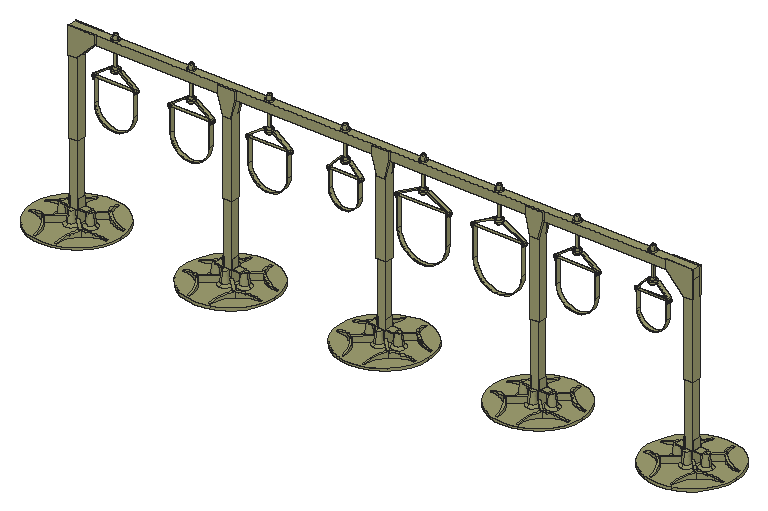
Revit family "Roof_PipeHangers_Custom-4Section", category Generic Models, Revit 2013
Parameters
  offset [instance] = 0 mm
  Warranty Duration (Years) = 0
  Unit Width [instance] = 3200 mm
  Unit Height = 76.2 mm
  Unit Depth = 450 mm
  URL = ""
  Support Material = Support
  Revision = ""
  Model = ""
  Manufacturer = ""
  Maintenance Schedule (Months) = 0
  Keynote = ""
  Installation Phase = ""
  Hanger Width_4B [instance] = 150 mm
  Hanger Width_4A [instance] = 200 mm
  Hanger Width_3B [instance] = 250 mm
  Hanger Width_3A [instance] = 250 mm
  Hanger Width_2B [instance] = 150 mm
  Hanger Width_2A [instance] = 200 mm
  Hanger Width_1B [instance] = 200 mm
  Hanger Width_1A [instance] = 200 mm
  Expected Lifespan (Years) = 0
  Drawn By = ""
  Description = ""
  Default Elevation = 1219.2 mm
  Copyright = ""
  Base Type [instance] = Base_PS_Round : Base_PS_Round
  Assembly Code = ""
  Adjustment Height [instance] = 800 mm
Reference planes
  plane 1 "Center (Front/Back)": y = 0
  plane 2 "Bottom": z = 0
  plane 3 "Center (Left/Right)": x = 0
  plane 4 "Front": y = -225
  plane 5 "Back": y = 225
  plane 6 "Left": x = -1600
  plane 7 "Right": x = 1600
  plane 8 "Top": z = 76.2
  plane 9: z = 31.707
  plane 10: z = 9.512
  plane 11: z = 876.2
  plane 12: x = -1200
  plane 13: x = 800
  plane 14: x = -800
  plane 15: x = 1200
  plane 16: x = -400
  plane 17: x = 400
Dimensions and locks
  equal spacing: plane 5 "Back", plane 1 "Center (Front/Back)", plane 4 "Front"
  "Unit Depth": plane 5 "Back" to plane 4 "Front"
  equal spacing: plane 6 "Left", plane 3 "Center (Left/Right)", plane 7 "Right"
  "Unit Width": plane 6 "Left" to plane 7 "Right"
  "Unit Height": plane 8 "Top" to level
  "Adjustment Height": plane 11 to plane 8 "Top"
  nested 4 to plane 12 to nested 5 = 196.85 mm locked, 196.85 mm locked
  nested 8 to plane 16 to nested 9 = 196.85 mm locked, 196.85 mm locked
  equal spacing: plane 6 "Left", plane 12, plane 14
  equal spacing: plane 13, plane 15, plane 7 "Right"
  nested 12 to plane 17 to nested 13 = 196.85 mm locked, 196.85 mm locked
  equal spacing: plane 14, plane 16, plane 3 "Center (Left/Right)"
  equal spacing: plane 3 "Center (Left/Right)", plane 17, plane 13
  nested 16 to plane 15 to nested 17 = 196.85 mm locked, 196.85 mm locked
  equal spacing: plane 6 "Left", plane 14, plane 3 "Center (Left/Right)"
  equal spacing: plane 3 "Center (Left/Right)", plane 13, plane 7 "Right"
  aligned and locked: plane 3 "Center (Left/Right)" to nested 3
  aligned and locked: nested 3 to plane 1 "Center (Front/Back)"
  aligned and locked: plane 1 "Center (Front/Back)" to nested 4
  aligned and locked: nested 1 to plane 6 "Left"
  aligned and locked: nested 1 to plane 1 "Center (Front/Back)"
  aligned and locked: plane 1 "Center (Front/Back)" to nested 2
  aligned and locked: plane 7 "Right" to nested 2
  aligned and locked: plane 1 "Center (Front/Back)" to nested 6
  aligned and locked: plane 1 "Center (Front/Back)" to nested 7
  aligned and locked: plane 14 to nested 6
  aligned and locked: plane 14 to nested 7
  aligned and locked: plane 13 to nested 10
  aligned and locked: plane 13 to nested 11
  aligned and locked: plane 3 "Center (Left/Right)" to nested 14
  aligned and locked: plane 3 "Center (Left/Right)" to nested 15
Nested families
  nested 1: "Base_PS_Round" at (-1600, 0, 0) x (-1, 0, 0) z (0, 0, 1), type <- "Base Type", Material <- "Support Material", type "Base_PS_Round"
    with Material Support, Unit Height 76.2 mm
  nested 2: "Base_PS_Round" at (1600, 0, 0), type <- "Base Type", Material <- "Support Material", type "Base_PS_Round"
    with Material Support, Unit Height 76.2 mm
  nested 3: "Support_PSE_Custom_Main" at (0, 0, 76.2), Unit Width <- "Unit Width", Adjustment Height <- "Adjustment Height", Material <- "Support Material", type "Support_PSE_Custom_Main"
    with offset 0 mm, Unit Width 3200 mm, Material Support, Holes_Horizontal 67, Adjustment Height 800 mm, AAH 800 mm
  nested 4: "Support_ClevisHanger" at (-1396.85, 0, 876.2), Unit Width <- "Hanger Width_1A", Material <- "Support Material", type "Support_ClevisHanger"
    with offset 0 mm, ht 120 mm, Unit Width 200 mm, Material Support
  nested 5: "Support_ClevisHanger" at (-1003.15, 0, 876.2) x (-1, 0, 0) z (0, 0, 1), Unit Width <- "Hanger Width_1B", Material <- "Support Material", type "Support_ClevisHanger"
    with offset 0 mm, ht 120 mm, Unit Width 200 mm, Material Support
  nested 6: "Base_PS_Round" at (-800, 0, 0), type <- "Base Type", Material <- "Support Material", type "Base_PS_Round"
    with Material Support, Unit Height 76.2 mm
  nested 7: "Support_PSE_Custom_Center" at (-800, 0, 76.2), Unit Width <- "Unit Width", Adjustment Height <- "Adjustment Height", Material <- "Support Material", type "Support_PSE_Custom_Center"
    with offset 0 mm, Unit Width 3200 mm, Material Support, Adjustment Height 800 mm, AAH 800 mm
  nested 8: "Support_ClevisHanger" at (-596.85, 0, 876.2), Unit Width <- "Hanger Width_2A", Material <- "Support Material", type "Support_ClevisHanger"
    with offset 0 mm, ht 120 mm, Unit Width 200 mm, Material Support
  nested 9: "Support_ClevisHanger" at (-203.15, 0, 876.2) x (-1, 0, 0) z (0, 0, 1), Unit Width <- "Hanger Width_2B", Material <- "Support Material", type "Support_ClevisHanger"
    with offset 0 mm, ht 90 mm, Unit Width 150 mm, Material Support
  nested 10: "Base_PS_Round" at (800, 0, 0), type <- "Base Type", Material <- "Support Material", type "Base_PS_Round"
    with Material Support, Unit Height 76.2 mm
  nested 11: "Support_PSE_Custom_Center" at (800, 0, 76.2), Unit Width <- "Unit Width", Adjustment Height <- "Adjustment Height", Material <- "Support Material", type "Support_PSE_Custom_Center"
    with offset 0 mm, Unit Width 3200 mm, Material Support, Adjustment Height 800 mm, AAH 800 mm
  nested 12: "Support_ClevisHanger" at (203.15, 0, 876.2), Unit Width <- "Hanger Width_3A", Material <- "Support Material", type "Support_ClevisHanger"
    with offset 0 mm, ht 150 mm, Unit Width 250 mm, Material Support
  nested 13: "Support_ClevisHanger" at (596.85, 0, 876.2) x (-1, 0, 0) z (0, 0, 1), Unit Width <- "Hanger Width_3B", Material <- "Support Material", type "Support_ClevisHanger"
    with offset 0 mm, ht 150 mm, Unit Width 250 mm, Material Support
  nested 14: "Base_PS_Round" at (0, 0, 0), type <- "Base Type", Material <- "Support Material", type "Base_PS_Round"
    with Material Support, Unit Height 76.2 mm
  nested 15: "Support_PSE_Custom_Center" at (0, 0, 76.2), Unit Width <- "Unit Width", Adjustment Height <- "Adjustment Height", Material <- "Support Material", type "Support_PSE_Custom_Center"
    with offset 0 mm, Unit Width 3200 mm, Material Support, Adjustment Height 800 mm, AAH 800 mm
  nested 16: "Support_ClevisHanger" at (1003.15, 0, 876.2), Unit Width <- "Hanger Width_4A", Material <- "Support Material", type "Support_ClevisHanger"
    with offset 0 mm, ht 120 mm, Unit Width 200 mm, Material Support
  nested 17: "Support_ClevisHanger" at (1396.85, 0, 876.2) x (-1, 0, 0) z (0, 0, 1), Unit Width <- "Hanger Width_4B", Material <- "Support Material", type "Support_ClevisHanger"
    with offset 0 mm, ht 90 mm, Unit Width 150 mm, Material Support
Definition of nested family "Base_PS_Round"
  Parameters
    offset [instance] = 0 mm
    Warranty Duration (Years) = 0
    Unit Width = 457.2 mm
    Unit Height = 57.15 mm
    Unit Depth = Unit Width  # 457.2 mm
    URL = "http://www.phpsd.com/"
    Test Data = "http://www.phpsd.com/test_data.htm"
    Specification = "http://www.arcat.com/sd/clients/portpipe.html?coid=38679"
    Send Message = "http://www.arcat.com/users.pl?action=UserEmail&company=PHP%20Systems/Design&coid=38679&rep=108&fax=713-672-7986&mf="
    Sales Information = "http://www.phpsd.com/quote_request.htm"
    Revision = "R1_03-2010"
    Product Properties = "http://www.arcat.com/bim/bim_info.pl?fn="
    Product Data = "http://www.arcat.com/arcatcos/cos38/arc38679.html"
    Model = "As Specified in 21 05 29"
    Material [instance] = Plastic - PHP - High Density Polypropylene - Black - UV Protected
    Manufacturer Website = "http://www.phpsd.com/"
    Manufacturer Phone - Toll Free = "800-797-6585 "
    Manufacturer Phone = "713-672-5088 "
    Manufacturer Fax = "713-672-7986"
    Manufacturer Address = "5534 Harvey Wilson Dr., Houston, TX 77020"
    Manufacturer = "PHP Systems"
    Maintenance Schedule (Months) = 0
    Keynote = "21 05 29"
    Installation-Fabrication = "http://www.phpsd.com/help_me_decide.htm"
    Installation Phase = ""
    Green Building-LEED = "http://www.arcat.com/green/clients/leed_data_38679.html"
    Expected Lifespan (Years) = 0
    Engineering Data = "http://www.phpsd.com/engineering_tables.htm"
    Drawn By = "Robert S. Weygant, CSI, CDT, SCIP"
    Description = "Rooftop Equipment as Specified in 21 05 29"
    Default Elevation = 1219.2 mm
    Copyright = "2010, ARCAT, Inc"
    Construction Details = "http://www.arcat.com/details/portpipe/portpipe.html?coid=38679"
    Assembly Code = "D3090700"
  Reference planes
    plane 1 "Center (Front/Back)": y = 0
    plane 2 "Bottom": z = 0
    plane 3 "Center (Left/Right)": x = 0
    plane 4 "Front": y = -228.6
    plane 5 "Back": y = 228.6
    plane 6 "Left": x = -228.6
    plane 7 "Right": x = 228.6
    plane 8 "Top": z = 57.15
    plane 9: z = 31.707
    plane 10: z = 11.536
    plane 11 "Brace_Lt": x = -74.627
    plane 12 "Brace_Rt": x = 74.627
  Forms (mm)
    Extrusion 1, solid, material "Plastic - PHP - High Density Polypropylene - Black - UV Protected" <- "Material"
      sketch origin (0, 0, 0) x (1, 0, 0) y (0, 1, 0)
        loop
          circle (0, 0) r 228.6
      from 0 to 11.536
    Extrusion 2, solid, material "Plastic - PHP - High Density Polypropylene - Black - UV Protected" <- "Material"
      sketch origin (141.287, -4572, 11.536) x (0, -1, 0) y (-1, 0, 0)
        loop
          line (-4598.46, 167.47) -> (-4598.46, 115.104) -> (-4545.54, 115.104) -> (-4545.54, 167.47) -> (-4598.46, 167.47)
      from 0 to -45.614
    Revolve 3, solid, material "Plastic - PHP - High Density Polypropylene - Black - UV Protected" <- "Material"
      sketch origin (0, 0, 0) x (1, 0, 0) y (0, 0, 1)
        loop
          line (-89.39, 57.15) -> (-94.497, 23.161)
          arc (-94.497, 23.161) -> (-99.091, 14.843) -> (-107.999, 11.536) r 13.653
          line (-107.999, 11.536) -> (-74.627, 11.536) -> (-74.627, 57.15) -> (-89.39, 57.15)
        axis (-74.627, 11.536) -> (-74.627, 57.15)
      angle from 0 to 360
    Revolve 4, solid, material "Plastic - PHP - High Density Polypropylene - Black - UV Protected" <- "Material"
      sketch origin (0, 0, 0) x (-1, 0, 0) y (0, 0, 1)
        loop
          line (-89.39, 57.15) -> (-94.497, 23.161)
          arc (-94.497, 23.161) -> (-99.091, 14.843) -> (-107.999, 11.536) r 13.653
          line (-107.999, 11.536) -> (-74.627, 11.536) -> (-74.627, 57.15) -> (-89.39, 57.15)
        axis (-74.627, 11.536) -> (-74.627, 57.15)
      angle from 0 to 360
    Revolve 5, solid, material "Plastic - PHP - High Density Polypropylene - Black - UV Protected" <- "Material"
      sketch origin (0, 0, 0) x (0, 1, 0) y (0, 0, 1)
        loop
          line (49.562, 57.15) -> (34.799, 57.15) -> (34.799, 11.536) -> (68.171, 11.536)
          arc (68.171, 11.536) -> (59.263, 14.843) -> (54.669, 23.161) r 13.653
          line (54.669, 23.161) -> (49.562, 57.15)
        axis (34.799, 11.536) -> (34.799, 57.15)
      angle from 0 to 360
    Revolve 6, solid, material "Plastic - PHP - High Density Polypropylene - Black - UV Protected" <- "Material"
      sketch origin (0, 0, 0) x (0, -1, 0) y (0, 0, -1)
        loop
          line (49.562, -57.15) -> (54.669, -23.161)
          arc (54.669, -23.161) -> (59.263, -14.843) -> (68.171, -11.536) r 13.653
          line (68.171, -11.536) -> (34.799, -11.536) -> (34.799, -57.15) -> (49.562, -57.15)
        axis (34.799, -11.536) -> (34.799, -57.15)
      angle from 0 to 360
    Sweep 7, solid, material "Plastic - PHP - High Density Polypropylene - Black - UV Protected" <- "Material"
      path origin (141.287, -4572, 11.536) x (0, -1, 0) y (1, 0, 0)
        loop
          line (-4475.017, -238.336) -> (-4552.464, -160.889)
      profile origin (-58.325, -58.26, 11.536) x (-0.707107, 0.707107, 0) y (0, 0, 1)
        loop
          line (4.762, 0) -> (4.762, 31.75) -> (-4.763, 31.75) -> (-4.763, 0) -> (4.762, 0)
    Sweep 8, solid, material "Plastic - PHP - High Density Polypropylene - Black - UV Protected" <- "Material"
      path origin (-141.287, -4572, 11.536) x (0, 1, 0) y (-1, 0, 0)
        loop
          line (4473.866, -239.486) -> (4552.464, -160.889)
      profile origin (58.901, -58.835, 11.536) x (-0.707107, -0.707107, 0) y (0, 0, 1)
        loop
          line (-4.762, 0) -> (4.763, 0) -> (4.763, 31.75) -> (-4.762, 31.75) -> (-4.762, 0)
    Sweep 9, solid, material "Plastic - PHP - High Density Polypropylene - Black - UV Protected" <- "Material"
      path origin (141.287, 4572, 11.536) x (0, -1, 0) y (1, 0, 0)
        loop
          line (4475.017, -238.336) -> (4552.464, -160.889)
      profile origin (-58.325, 58.26, 11.536) x (0.707107, 0.707107, 0) y (0, 0, 1)
        loop
          line (-4.762, 0) -> (4.763, 0) -> (4.763, 31.75) -> (-4.762, 31.75) -> (-4.762, 0)
    Sweep 10, solid, material "Plastic - PHP - High Density Polypropylene - Black - UV Protected" <- "Material"
      path origin (-141.287, 4572, 11.536) x (0, 1, 0) y (-1, 0, 0)
        loop
          line (-4473.887, -239.465) -> (-4552.464, -160.889)
      profile origin (58.89, 58.825, 11.536) x (0.707107, -0.707107, 0) y (0, 0, 1)
        loop
          line (4.762, 0) -> (4.762, 31.75) -> (-4.763, 31.75) -> (-4.763, 0) -> (4.762, 0)
    SweptBlend 11, solid, material "Plastic - PHP - High Density Polypropylene - Black - UV Protected" <- "Material"
      path origin (141.287, -4572, 11.536) x (0, -1, 0) y (1, 0, 0)
        loop
          arc (-4518.428, -343.122) -> (-4507.149, -286.419) -> (-4475.03, -238.348) r 148.172
      profile origin (-201.835, -53.572, 11.536) x (0, 1, 0) y (0, 0, 1)
        loop
          line (-4.763, 0) -> (-4.763, -3.175) -> (4.763, -3.175) -> (4.763, 0) -> (-4.763, 0)
      end profile origin (-97.061, -96.97, 11.536) x (0.707107, 0.707107, 0) y (0, 0, 1)
        loop
          line (-4.763, 28.575) -> (-4.763, -3.175) -> (4.762, -3.175) -> (4.762, 28.575) -> (-4.763, 28.575)
    SweptBlend 12, solid, material "Plastic - PHP - High Density Polypropylene - Black - UV Protected" <- "Material"
      path origin (-4572.066, 141.352, 11.536) x (1, 0, 0) y (0, 1, 0)
        loop
          arc (4518.403, -343.097) -> (4507.124, -286.394) -> (4475.004, -238.323) r 148.172
      profile origin (-53.663, -201.744, 11.536) x (-1, 0, 0) y (0, 0, 1)
        loop
          line (4.762, 0) -> (-4.763, 0) -> (-4.763, -3.175) -> (4.762, -3.175) -> (4.762, 0)
      end profile origin (-97.061, -96.97, 11.536) x (-0.707107, -0.707107, 0) y (0, 0, 1)
        loop
          line (4.763, 28.575) -> (-4.762, 28.575) -> (-4.762, -3.175) -> (4.763, -3.175) -> (4.763, 28.575)
    SweptBlend 13, solid, material "Plastic - PHP - High Density Polypropylene - Black - UV Protected" <- "Material"
      path origin (141.287, 4572, 11.536) x (0, -1, 0) y (1, 0, 0)
        loop
          arc (4518.428, -343.122) -> (4507.149, -286.419) -> (4475.03, -238.348) r 148.172
      profile origin (-201.835, 53.572, 11.536) x (0, 1, 0) y (0, 0, 1)
        loop
          line (4.763, 0) -> (-4.762, 0) -> (-4.762, -3.175) -> (4.763, -3.175) -> (4.763, 0)
      end profile origin (-97.061, 96.97, 11.536) x (-0.707107, 0.707107, 0) y (0, 0, 1)
        loop
          line (4.763, 28.575) -> (-4.762, 28.575) -> (-4.762, -3.175) -> (4.763, -3.175) -> (4.763, 28.575)
    SweptBlend 14, solid, material "Plastic - PHP - High Density Polypropylene - Black - UV Protected" <- "Material"
      path origin (-4572.066, -141.352, 11.536) x (-1, 0, 0) y (0, -1, 0)
        loop
          arc (-4518.403, -343.097) -> (-4507.124, -286.394) -> (-4475.004, -238.323) r 148.172
      profile origin (-53.663, 201.744, 11.536) x (1, 0, 0) y (0, 0, 1)
        loop
          line (-4.762, 0) -> (-4.762, -3.175) -> (4.763, -3.175) -> (4.763, 0) -> (-4.762, 0)
      end profile origin (-97.061, 96.97, 11.536) x (0.707107, -0.707107, 0) y (0, 0, 1)
        loop
          line (-4.763, 28.575) -> (-4.763, -3.175) -> (4.762, -3.175) -> (4.762, 28.575) -> (-4.763, 28.575)
    SweptBlend 15, solid, material "Plastic - PHP - High Density Polypropylene - Black - UV Protected" <- "Material"
      path origin (-141.287, -4572, 11.536) x (0, 1, 0) y (-1, 0, 0)
        loop
          arc (4518.428, -343.122) -> (4507.149, -286.419) -> (4475.03, -238.348) r 148.172
      profile origin (201.835, -53.572, 11.536) x (0, -1, 0) y (0, 0, 1)
        loop
          line (4.762, 0) -> (-4.763, 0) -> (-4.763, -3.175) -> (4.762, -3.175) -> (4.762, 0)
      end profile origin (97.061, -96.97, 11.536) x (0.707107, -0.707107, 0) y (0, 0, 1)
        loop
          line (4.763, 28.575) -> (-4.762, 28.575) -> (-4.762, -3.175) -> (4.763, -3.175) -> (4.763, 28.575)
    SweptBlend 16, solid, material "Plastic - PHP - High Density Polypropylene - Black - UV Protected" <- "Material"
      path origin (4572.066, 141.352, 11.536) x (1, 0, 0) y (0, 1, 0)
        loop
          arc (-4518.403, -343.097) -> (-4507.124, -286.394) -> (-4475.004, -238.323) r 148.172
      profile origin (53.663, -201.744, 11.536) x (-1, 0, 0) y (0, 0, 1)
        loop
          line (-4.763, 0) -> (-4.763, -3.175) -> (4.762, -3.175) -> (4.762, 0) -> (-4.763, 0)
      end profile origin (97.061, -96.97, 11.536) x (-0.707107, 0.707107, 0) y (0, 0, 1)
        loop
          line (-4.763, 28.575) -> (-4.763, -3.175) -> (4.762, -3.175) -> (4.762, 28.575) -> (-4.763, 28.575)
    SweptBlend 17, solid, material "Plastic - PHP - High Density Polypropylene - Black - UV Protected" <- "Material"
      path origin (-141.287, 4572, 11.536) x (0, 1, 0) y (-1, 0, 0)
        loop
          arc (-4518.428, -343.122) -> (-4507.149, -286.419) -> (-4475.03, -238.348) r 148.172
      profile origin (201.835, 53.572, 11.536) x (0, -1, 0) y (0, 0, 1)
        loop
          line (-4.763, 0) -> (-4.763, -3.175) -> (4.762, -3.175) -> (4.762, 0) -> (-4.763, 0)
      end profile origin (97.061, 96.97, 11.536) x (-0.707107, -0.707107, 0) y (0, 0, 1)
        loop
          line (-4.763, 28.575) -> (-4.763, -3.175) -> (4.762, -3.175) -> (4.762, 28.575) -> (-4.763, 28.575)
    SweptBlend 18, solid, material "Plastic - PHP - High Density Polypropylene - Black - UV Protected" <- "Material"
      path origin (4572.066, -141.352, 11.536) x (-1, 0, 0) y (0, -1, 0)
        loop
          arc (4518.403, -343.097) -> (4507.124, -286.394) -> (4475.004, -238.323) r 148.172
      profile origin (53.663, 201.744, 11.536) x (1, 0, 0) y (0, 0, 1)
        loop
          line (4.762, 0) -> (-4.763, 0) -> (-4.763, -3.175) -> (4.762, -3.175) -> (4.762, 0)
      end profile origin (97.061, 96.97, 11.536) x (0.707107, 0.707107, 0) y (0, 0, 1)
        loop
          line (4.763, 28.575) -> (-4.762, 28.575) -> (-4.762, -3.175) -> (4.763, -3.175) -> (4.763, 28.575)
  Cuts and joins
    joined: Extrusion 1, Extrusion 2, Revolve 3, Revolve 4, Revolve 5, Revolve 6, Sweep 7, Sweep 8, Sweep 9, Sweep 10, SweptBlend 11, SweptBlend 12, SweptBlend 13, SweptBlend 14, SweptBlend 15, SweptBlend 16, SweptBlend 17, SweptBlend 18
  Dimensions and locks
    equal spacing: plane 5 "Back", plane 1 "Center (Front/Back)", plane 4 "Front"
    "Unit Depth": plane 5 "Back" to plane 4 "Front"
    equal spacing: plane 6 "Left", plane 3 "Center (Left/Right)", plane 7 "Right"
    "Unit Width": plane 6 "Left" to plane 7 "Right"
    "Unit Height": plane 8 "Top" to level
    aligned and locked: Extrusion 1 to plane 10
    aligned and locked: plane 8 "Top" to Extrusion 2
  Automatic sketch dimensions
    Extrusion 1 sketch curve to plane 1 "Center (Front/Back)" = 0 mm
    Extrusion 1 sketch curve to plane 3 "Center (Left/Right)" = 0 mm
    Extrusion 2 sketch curve to plane 1 "Center (Front/Back)" = 26.46 mm
    plane 1 "Center (Front/Back)" to Extrusion 2 sketch curve = 26.46 mm
    Extrusion 2 sketch curve to plane 3 "Center (Left/Right)" = 26.183 mm
    plane 3 "Center (Left/Right)" to Extrusion 2 sketch curve = 26.183 mm
    Revolve 3 sketch curve to plane 10 = 0 mm  (x2)
    Revolve 3 sketch curve to plane 8 "Top" = 0 mm
    Revolve 3 sketch curve to plane 11 "Brace_Lt" = 0 mm  (x2)
    plane 11 "Brace_Lt" to Revolve 3 sketch curve = 14.763 mm
    plane 9 to Revolve 3 sketch curve = 8.546 mm
    plane 11 "Brace_Lt" to Revolve 3 sketch curve = 19.87 mm
    plane 9 to Revolve 3 sketch curve = 6.518 mm
    Revolve 3 sketch curve to Revolve 3 sketch curve = 0 mm
    Revolve 3 sketch curve to level = 5.766 mm
    Revolve 3 sketch curve to Revolve 3 sketch curve = 17.137 mm
    Revolve 4 sketch curve to plane 10 = 0 mm  (x2)
    Revolve 4 sketch curve to plane 8 "Top" = 0 mm
    Revolve 4 sketch curve to plane 12 "Brace_Rt" = 0 mm  (x2)
    plane 12 "Brace_Rt" to Revolve 4 sketch curve = 14.763 mm
    Revolve 4 sketch curve to plane 9 = 8.546 mm
    plane 12 "Brace_Rt" to Revolve 4 sketch curve = 19.87 mm
    Revolve 4 sketch curve to plane 9 = 6.518 mm
    Revolve 4 sketch curve to Revolve 4 sketch curve = 0 mm
    level to Revolve 4 sketch curve = 5.766 mm
    Revolve 4 sketch curve to Revolve 4 sketch curve = 17.137 mm
    Revolve 5 sketch curve to plane 8 "Top" = 0 mm
    Revolve 5 sketch curve to plane 10 = 0 mm  (x2)
    Revolve 5 sketch curve to plane 1 "Center (Front/Back)" = 34.799 mm
    Revolve 5 sketch curve to level = 5.766 mm
    Revolve 5 sketch curve to Revolve 5 sketch curve = 0 mm
    Revolve 5 sketch curve to Revolve 5 sketch curve = 14.763 mm
    plane 9 to Revolve 5 sketch curve = 8.546 mm
    Revolve 5 sketch curve to Revolve 5 sketch curve = 19.87 mm
    Revolve 5 sketch curve to Revolve 5 sketch curve = 13.501 mm
    plane 9 to Revolve 5 sketch curve = 6.518 mm
    Revolve 5 sketch curve to Revolve 5 sketch curve = 17.137 mm
    Revolve 6 sketch curve to plane 8 "Top" = 0 mm
    Revolve 6 sketch curve to plane 10 = 0 mm  (x2)
    plane 1 "Center (Front/Back)" to Revolve 6 sketch curve = 34.799 mm
    Revolve 6 sketch curve to level = 5.766 mm
    Revolve 6 sketch curve to Revolve 6 sketch curve = 0 mm
    Revolve 6 sketch curve to Revolve 6 sketch curve = 14.763 mm
    plane 9 to Revolve 6 sketch curve = 8.546 mm
    Revolve 6 sketch curve to Revolve 6 sketch curve = 19.87 mm
    Revolve 6 sketch curve to Revolve 6 sketch curve = 13.501 mm
    plane 9 to Revolve 6 sketch curve = 6.518 mm
    Revolve 6 sketch curve to Revolve 6 sketch curve = 17.137 mm
    Sweep 7 sketch curve to plane 10 = 0 mm
    profile plane to Sweep 7 sketch curve = 4.763 mm
    Sweep 7 sketch curve to profile plane = 4.763 mm
    Sweep 7 sketch curve to plane 10 = 31.75 mm
    Sweep 8 sketch curve to plane 10 = 0 mm
    profile plane to Sweep 8 sketch curve = 4.762 mm
    Sweep 8 sketch curve to profile plane = 4.763 mm
    Sweep 8 sketch curve to Sweep 8 sketch curve = 31.75 mm
    Sweep 9 sketch curve to plane 10 = 0 mm
    profile plane to Sweep 9 sketch curve = 4.762 mm
    Sweep 9 sketch curve to profile plane = 4.763 mm
    Sweep 9 sketch curve to plane 10 = 31.75 mm
    Sweep 10 sketch curve to plane 10 = 0 mm
    profile plane to Sweep 10 sketch curve = 4.763 mm
    Sweep 10 sketch curve to profile plane = 4.762 mm
    Sweep 10 sketch curve to Sweep 10 sketch curve = 31.75 mm
    plane 1 "Center (Front/Back)" to SweptBlend 11 sketch curve = 53.572 mm
    plane 11 "Brace_Lt" to SweptBlend 11 sketch curve = 22.434 mm
    plane 1 "Center (Front/Back)" to SweptBlend 11 sketch curve = 96.97 mm
    plane 6 "Left" to SweptBlend 11 sketch curve = 26.765 mm
    SweptBlend 11 sketch curve to profile plane = 0 mm
    profile plane to SweptBlend 11 sketch curve = 4.762 mm
    SweptBlend 11 sketch curve to profile plane = 4.763 mm
    SweptBlend 11 sketch curve to profile plane = 3.175 mm  (x2)
    profile plane to SweptBlend 11 sketch curve = 4.763 mm
    SweptBlend 11 sketch curve to profile plane = 4.762 mm
    profile plane to SweptBlend 11 sketch curve = 28.575 mm
    plane 6 "Left" to SweptBlend 12 sketch curve = 26.765 mm
    plane 11 "Brace_Lt" to SweptBlend 12 sketch curve = 22.434 mm
    SweptBlend 12 sketch curve to plane 11 "Brace_Lt" = 20.965 mm
    plane 4 "Front" to SweptBlend 12 sketch curve = 26.856 mm
    SweptBlend 12 sketch curve to profile plane = 0 mm
    profile plane to SweptBlend 12 sketch curve = 4.763 mm
    SweptBlend 12 sketch curve to profile plane = 4.762 mm
    SweptBlend 12 sketch curve to SweptBlend 12 sketch curve = 3.175 mm
    profile plane to SweptBlend 12 sketch curve = 4.762 mm
    SweptBlend 12 sketch curve to profile plane = 4.763 mm
    SweptBlend 12 sketch curve to profile plane = 3.175 mm
    profile plane to SweptBlend 12 sketch curve = 28.575 mm
    SweptBlend 13 sketch curve to plane 5 "Back" = 26.856 mm
    plane 11 "Brace_Lt" to SweptBlend 13 sketch curve = 22.434 mm
    SweptBlend 13 sketch curve to plane 1 "Center (Front/Back)" = 96.97 mm
    plane 6 "Left" to SweptBlend 13 sketch curve = 26.765 mm
    SweptBlend 13 sketch curve to profile plane = 0 mm
    profile plane to SweptBlend 13 sketch curve = 4.762 mm  (x2)
    SweptBlend 13 sketch curve to profile plane = 4.763 mm
    SweptBlend 13 sketch curve to SweptBlend 13 sketch curve = 3.175 mm
    SweptBlend 13 sketch curve to profile plane = 4.762 mm
    SweptBlend 13 sketch curve to profile plane = 3.175 mm
    profile plane to SweptBlend 13 sketch curve = 28.575 mm
    SweptBlend 14 sketch curve to plane 11 "Brace_Lt" = 20.965 mm
    plane 11 "Brace_Lt" to SweptBlend 14 sketch curve = 22.434 mm
    plane 6 "Left" to SweptBlend 14 sketch curve = 26.765 mm
    SweptBlend 14 sketch curve to plane 5 "Back" = 26.856 mm
    SweptBlend 14 sketch curve to profile plane = 0 mm
    profile plane to SweptBlend 14 sketch curve = 4.762 mm
    SweptBlend 14 sketch curve to profile plane = 4.763 mm
    SweptBlend 14 sketch curve to SweptBlend 14 sketch curve = 3.175 mm
    profile plane to SweptBlend 14 sketch curve = 4.763 mm
    SweptBlend 14 sketch curve to profile plane = 4.762 mm
    SweptBlend 14 sketch curve to profile plane = 3.175 mm
    profile plane to SweptBlend 14 sketch curve = 28.575 mm
    plane 4 "Front" to SweptBlend 15 sketch curve = 26.856 mm
    SweptBlend 15 sketch curve to plane 12 "Brace_Rt" = 22.434 mm
    plane 1 "Center (Front/Back)" to SweptBlend 15 sketch curve = 96.97 mm
    SweptBlend 15 sketch curve to plane 7 "Right" = 26.765 mm
    SweptBlend 15 sketch curve to profile plane = 0 mm
    profile plane to SweptBlend 15 sketch curve = 4.763 mm
    SweptBlend 15 sketch curve to profile plane = 4.762 mm
    SweptBlend 15 sketch curve to SweptBlend 15 sketch curve = 3.175 mm
    profile plane to SweptBlend 15 sketch curve = 4.762 mm
    SweptBlend 15 sketch curve to profile plane = 4.763 mm
    SweptBlend 15 sketch curve to profile plane = 3.175 mm
    profile plane to SweptBlend 15 sketch curve = 28.575 mm
    plane 12 "Brace_Rt" to SweptBlend 16 sketch curve = 20.965 mm
    SweptBlend 16 sketch curve to plane 12 "Brace_Rt" = 22.434 mm
    SweptBlend 16 sketch curve to plane 7 "Right" = 26.765 mm
    plane 4 "Front" to SweptBlend 16 sketch curve = 26.856 mm
    SweptBlend 16 sketch curve to profile plane = 0 mm
    profile plane to SweptBlend 16 sketch curve = 4.763 mm  (x2)
    SweptBlend 16 sketch curve to profile plane = 4.762 mm  (x2)
    SweptBlend 16 sketch curve to SweptBlend 16 sketch curve = 3.175 mm
    SweptBlend 16 sketch curve to profile plane = 3.175 mm
    profile plane to SweptBlend 16 sketch curve = 28.575 mm
    SweptBlend 17 sketch curve to plane 1 "Center (Front/Back)" = 53.572 mm
    SweptBlend 17 sketch curve to plane 12 "Brace_Rt" = 22.434 mm
    SweptBlend 17 sketch curve to plane 1 "Center (Front/Back)" = 96.97 mm
    SweptBlend 17 sketch curve to plane 7 "Right" = 26.765 mm
    SweptBlend 17 sketch curve to profile plane = 0 mm
    profile plane to SweptBlend 17 sketch curve = 4.763 mm
    SweptBlend 17 sketch curve to profile plane = 4.762 mm
    SweptBlend 17 sketch curve to SweptBlend 17 sketch curve = 3.175 mm
    profile plane to SweptBlend 17 sketch curve = 4.762 mm
    SweptBlend 17 sketch curve to profile plane = 4.763 mm
    SweptBlend 17 sketch curve to profile plane = 3.175 mm
    profile plane to SweptBlend 17 sketch curve = 28.575 mm
    SweptBlend 18 sketch curve to plane 7 "Right" = 26.765 mm
    SweptBlend 18 sketch curve to plane 12 "Brace_Rt" = 22.434 mm
    plane 12 "Brace_Rt" to SweptBlend 18 sketch curve = 20.965 mm
    SweptBlend 18 sketch curve to plane 5 "Back" = 26.856 mm
    SweptBlend 18 sketch curve to profile plane = 0 mm
    profile plane to SweptBlend 18 sketch curve = 4.763 mm
    SweptBlend 18 sketch curve to profile plane = 4.762 mm
    SweptBlend 18 sketch curve to SweptBlend 18 sketch curve = 3.175 mm
    profile plane to SweptBlend 18 sketch curve = 4.762 mm
    SweptBlend 18 sketch curve to profile plane = 4.763 mm
    SweptBlend 18 sketch curve to profile plane = 3.175 mm
    profile plane to SweptBlend 18 sketch curve = 28.575 mm
    Sweep 8 sketch curve to plane 12 "Brace_Rt" = 23.572 mm
    plane 1 "Center (Front/Back)" to Sweep 8 sketch curve = 98.134 mm
    plane 1 "Center (Front/Back)" to Sweep 8 sketch curve = 19.536 mm
    plane 3 "Center (Left/Right)" to Sweep 8 sketch curve = 19.602 mm
    Sweep 10 sketch curve to plane 1 "Center (Front/Back)" = 19.536 mm
    Sweep 10 sketch curve to plane 12 "Brace_Rt" = 23.551 mm
    Sweep 10 sketch curve to plane 1 "Center (Front/Back)" = 98.113 mm
    plane 3 "Center (Left/Right)" to Sweep 10 sketch curve = 19.602 mm
    plane 11 "Brace_Lt" to Sweep 9 sketch curve = 22.421 mm
    Sweep 9 sketch curve to plane 1 "Center (Front/Back)" = 96.983 mm
    Sweep 9 sketch curve to plane 1 "Center (Front/Back)" = 19.536 mm
    Sweep 9 sketch curve to plane 3 "Center (Left/Right)" = 19.602 mm
    plane 1 "Center (Front/Back)" to Sweep 7 sketch curve = 19.536 mm
    plane 11 "Brace_Lt" to Sweep 7 sketch curve = 22.421 mm
    plane 1 "Center (Front/Back)" to Sweep 7 sketch curve = 96.983 mm
    Sweep 7 sketch curve to plane 3 "Center (Left/Right)" = 19.602 mm
    radius of Extrusion 1 sketch curve = 228.6 mm
Definition of nested family "Support_PSE_Custom_Main"
  Parameters
    offset [instance] = 0 mm
    Warranty Duration (Years) = 0
    Unit Width [instance] = 914.4 mm
    Unit Height = 127 mm
    Unit Depth = 377.825 mm
    URL = "http://www.phpsd.com/"
    Test Data = "http://www.phpsd.com/test_data.htm"
    Specification = "http://www.arcat.com/sd/clients/portpipe.html?coid=38679"
    Send Message = "http://www.arcat.com/users.pl?action=UserEmail&company=PHP%20Systems/Design&coid=38679&rep=108&fax=713-672-7986&mf="
    Sales Information = "http://www.phpsd.com/quote_request.htm"
    Revision = "R1_03-2010"
    Product Properties = "http://www.arcat.com/bim/bim_info.pl?fn="
    Product Data = "http://www.arcat.com/arcatcos/cos38/arc38679.html"
    Model = "As Specified in 21 05 29"
    Max Pipe Size = 0 mm
    Material [instance] = none
    Manufacturer Website = "http://www.phpsd.com/"
    Manufacturer Phone - Toll Free = "800-797-6585 "
    Manufacturer Phone = "713-672-5088 "
    Manufacturer Fax = "713-672-7986"
    Manufacturer Address = "5534 Harvey Wilson Dr., Houston, TX 77020"
    Manufacturer = "PHP Systems"
    Maintenance Schedule (Months) = 0
    Keynote = "21 05 29"
    Installation-Fabrication = "http://www.phpsd.com/help_me_decide.htm"
    Installation Phase = ""
    Holes_Horizontal [instance] = Unit Width / 47.625 mm  # 19
    Green Building-LEED = "http://www.arcat.com/green/clients/leed_data_38679.html"
    Expected Lifespan (Years) = 0
    Engineering Data = "http://www.phpsd.com/engineering_tables.htm"
    Drawn By = "Robert S. Weygant, CSI, CDT, SCIP"
    Description = "Rooftop Equipment as Specified in 21 05 29"
    Default Elevation = 1219.2 mm
    Copyright = "2010, ARCAT, Inc"
    Construction Details = "http://www.arcat.com/details/portpipe/portpipe.html?coid=38679"
    Assembly Code = "D3090700"
    Adjustment Height [instance] = 622.3 mm
    AAH [instance] = if(Adjustment Height > 444.5 mm, Adjustment Height, 444.5 mm)  # 622.3 mm
  Reference planes
    plane 1 "Center (Front/Back)": y = 0
    plane 2 "Bottom": z = 0
    plane 3 "Center (Left/Right)": x = 0
    plane 4 "Top": z = 646.113
    plane 5 "Adj Base": z = 622.3
    plane 6: x = -457.2
    plane 7: x = 457.2
    plane 8: z = 144.264
    plane 9: x = -341.266
    plane 10: x = 341.266
    plane 11: z = 51.015
    plane 12 "Front": y = -22.225
    plane 13 "Back": y = 22.225
    plane 14 "lt": x = -480.966
    plane 15 "Rt": x = 480.966
  Forms (mm)
    Extrusion 1, solid, material <- "Material"
      sketch origin (0, 0, 0) x (1, 0, 0) y (0, 1, 0)
        loop
          line (-477.791, 19.05) -> (-477.791, -19.05) -> (-436.516, -19.05) -> (-436.516, 19.05) -> (-477.791, 19.05)
      from 0 to 144.264
    Extrusion 2, solid, material <- "Material", detail levels medium+fine
      sketch origin (0, 0, 0) x (1, 0, 0) y (0, 0, 1)
        loop
          line (-477.884, 51.015) -> (-482.62, 51.015) -> (-482.62, 4.679) -> (-524.379, 4.679) -> (-524.379, 0) -> (-477.884, 0) -> (-477.884, 51.015)
        loop
          line (-436.516, 51.015) -> (-436.516, 0) -> (-390.021, 0) -> (-390.021, 4.679) -> (-431.78, 4.679) -> (-431.78, 51.015) -> (-436.516, 51.015)
      from -19.05 to 19.05
    Extrusion 3, solid, material <- "Material", detail levels medium+fine
      sketch origin (0, 0, 0) x (-1, 0, 0) y (0, 0, -1)
        loop
          line (-477.884, -51.015) -> (-477.884, 0) -> (-524.379, 0) -> (-524.379, -4.679) -> (-482.62, -4.679) -> (-482.62, -51.015) -> (-477.884, -51.015)
        loop
          line (-436.516, -51.015) -> (-431.78, -51.015) -> (-431.78, -4.679) -> (-390.021, -4.679) -> (-390.021, 0) -> (-436.516, 0) -> (-436.516, -51.015)
      from -19.05 to 19.05
    Extrusion 4, solid, material <- "Material"
      sketch origin (0, 0, 0) x (-1, 0, 0) y (0, -1, 0)
        loop
          line (-477.791, -19.05) -> (-436.516, -19.05) -> (-436.516, 19.05) -> (-477.791, 19.05) -> (-477.791, -19.05)
      from 0 to 144.264
    Extrusion 5, solid, material <- "Material"
      sketch origin (-212.826, -4572, 144.264) x (-1, 0, 0) y (0, -1, 0)
        loop
          line (268.14, -4594.225) -> (268.14, -4549.775) -> (220.515, -4549.775) -> (220.515, -4594.225) -> (268.14, -4594.225)
      from 0 to 478.036
    Extrusion 6, solid, material <- "Material"
      sketch origin (212.826, -4572, 144.264) x (1, 0, 0) y (0, 1, 0)
        loop
          line (268.14, 4594.225) -> (220.515, 4594.225) -> (220.515, 4549.775) -> (268.14, 4549.775) -> (268.14, 4594.225)
      from 0 to 478.036
    Extrusion 7, solid, material <- "Material"
      sketch origin (-93.116, -4572, 622.3) x (-1, 0, 0) y (0, -1, 0)
        loop
          line (387.85, -4594.225) -> (387.85, -4549.775) -> (-574.082, -4549.775) -> (-574.082, -4594.225) -> (387.85, -4594.225)
      from 0 to 47.625
    Extrusion 8, solid, material <- "Material", detail levels medium+fine
      sketch origin (0, -22.225, 0) x (-1, 0, 0) y (0, 0, 1)
        loop
          line (341.266, 669.925) -> (341.266, 625.475) -> (436.516, 530.225) -> (480.966, 530.225) -> (480.966, 669.925) -> (341.266, 669.925)
      from -3.175 to 0
    Extrusion 9, solid, material <- "Material", detail levels medium+fine
      sketch origin (0, 22.225, 0) x (1, 0, 0) y (0, 0, 1)
        loop
          line (-341.266, 669.925) -> (-480.966, 669.925) -> (-480.966, 530.225) -> (-436.516, 530.225) -> (-341.266, 625.475) -> (-341.266, 669.925)
      from -3.175 to 0
    Extrusion 10, solid, material <- "Material", detail levels medium+fine
      sketch origin (0, 22.225, 0) x (-1, 0, 0) y (0, 0, -1)
        loop
          line (-341.266, -669.925) -> (-341.266, -625.475) -> (-436.516, -530.225) -> (-480.966, -530.225) -> (-480.966, -669.925) -> (-341.266, -669.925)
      from -3.175 to 0
    Extrusion 11, solid, material <- "Material", detail levels medium+fine
      sketch origin (0, -22.225, 0) x (1, 0, 0) y (0, 0, -1)
        loop
          line (341.266, -669.925) -> (480.966, -669.925) -> (480.966, -530.225) -> (436.516, -530.225) -> (341.266, -625.475) -> (341.266, -669.925)
      from -3.175 to 0
  Lines and regions (mm)
    model lines, style "Pipe Supports", detail levels fine
      curve 1: circle (457.2, 22.225, 163.314) r 6.35 normal (0, 1, 0)
      curve 2: circle (457.2, 22.225, 457.021) r 6.35 normal (0, 1, 0)
      curve 3: circle (457.2, 22.225, 408.07) r 6.35 normal (0, 1, 0)
      curve 4: circle (457.2, 22.225, 359.119) r 6.35 normal (0, 1, 0)
      curve 5: circle (457.2, 22.225, 310.168) r 6.35 normal (0, 1, 0)
      curve 6: circle (457.2, 22.225, 261.217) r 6.35 normal (0, 1, 0)
      curve 7: circle (457.2, 22.225, 212.265) r 6.35 normal (0, 1, 0)
      curve 8: circle (-457.2, 22.225, 163.314) r 6.35 normal (0, 1, 0)
      curve 9: circle (-457.2, 22.225, 457.021) r 6.35 normal (0, 1, 0)
      curve 10: circle (-457.2, 22.225, 408.07) r 6.35 normal (0, 1, 0)
      curve 11: circle (-457.2, 22.225, 359.119) r 6.35 normal (0, 1, 0)
      curve 12: circle (-457.2, 22.225, 310.168) r 6.35 normal (0, 1, 0)
      curve 13: circle (-457.2, 22.225, 261.217) r 6.35 normal (0, 1, 0)
      curve 14: circle (-457.2, 22.225, 212.265) r 6.35 normal (0, 1, 0)
      curve 15: circle (457.2, -22.225, 163.314) r 6.35 normal (0, 1, 0)
      curve 16: circle (457.2, -22.225, 457.021) r 6.35 normal (0, 1, 0)
      curve 17: circle (457.2, -22.225, 408.07) r 6.35 normal (0, 1, 0)
      curve 18: circle (457.2, -22.225, 359.119) r 6.35 normal (0, 1, 0)
      curve 19: circle (457.2, -22.225, 310.168) r 6.35 normal (0, 1, 0)
      curve 20: circle (457.2, -22.225, 261.217) r 6.35 normal (0, 1, 0)
      curve 21: circle (457.2, -22.225, 212.265) r 6.35 normal (0, 1, 0)
      curve 22: circle (-457.2, -22.225, 163.314) r 6.35 normal (0, 1, 0)
      curve 23: circle (-457.2, -22.225, 457.021) r 6.35 normal (0, 1, 0)
      curve 24: circle (-457.2, -22.225, 408.07) r 6.35 normal (0, 1, 0)
      curve 25: circle (-457.2, -22.225, 359.119) r 6.35 normal (0, 1, 0)
      curve 26: circle (-457.2, -22.225, 310.168) r 6.35 normal (0, 1, 0)
      curve 27: circle (-457.2, -22.225, 261.217) r 6.35 normal (0, 1, 0)
      curve 28: circle (-457.2, -22.225, 212.265) r 6.35 normal (0, 1, 0)
      curve 29: circle (-480.966, 0, 163.314) r 6.35 normal (1, 0, 0)
      curve 30: circle (-480.966, 0, 457.021) r 6.35 normal (1, 0, 0)
      curve 31: circle (-480.966, 0, 408.07) r 6.35 normal (1, 0, 0)
      curve 32: circle (-480.966, 0, 359.119) r 6.35 normal (1, 0, 0)
      curve 33: circle (-480.966, 0, 310.168) r 6.35 normal (1, 0, 0)
      curve 34: circle (-480.966, 0, 261.217) r 6.35 normal (1, 0, 0)
      curve 35: circle (-480.966, 0, 212.265) r 6.35 normal (1, 0, 0)
      curve 36: circle (480.966, 0, 163.314) r 6.35 normal (1, 0, 0)
      curve 37: circle (480.966, 0, 457.021) r 6.35 normal (1, 0, 0)
      curve 38: circle (480.966, 0, 408.07) r 6.35 normal (1, 0, 0)
      curve 39: circle (480.966, 0, 359.119) r 6.35 normal (1, 0, 0)
      curve 40: circle (480.966, 0, 310.168) r 6.35 normal (1, 0, 0)
      curve 41: circle (480.966, 0, 261.217) r 6.35 normal (1, 0, 0)
      curve 42: circle (480.966, 0, 212.265) r 6.35 normal (1, 0, 0)
      curve 43: circle (433.341, 0, 163.314) r 6.35 normal (1, 0, 0)
      curve 44: circle (433.341, 0, 359.119) r 6.35 normal (1, 0, 0)
      curve 45: circle (433.341, 0, 310.168) r 6.35 normal (1, 0, 0)
      curve 46: circle (433.341, 0, 261.217) r 6.35 normal (1, 0, 0)
      curve 47: circle (433.341, 0, 212.265) r 6.35 normal (1, 0, 0)
      curve 48: circle (-433.341, 0, 163.314) r 6.35 normal (1, 0, 0)
      curve 49: circle (-433.341, 0, 454.809) r 6.35 normal (1, 0, 0)
      curve 50: circle (-433.341, 0, 405.858) r 6.35 normal (1, 0, 0)
      curve 51: circle (-433.341, 0, 356.907) r 6.35 normal (1, 0, 0)
      curve 52: circle (-433.341, 0, 307.956) r 6.35 normal (1, 0, 0)
      curve 53: circle (457.2, 22.225, 505.972) r 6.35 normal (0, 1, 0)
      curve 54: circle (-457.2, 22.225, 505.972) r 6.35 normal (0, 1, 0)
      curve 55: circle (457.2, -22.225, 505.972) r 6.35 normal (0, 1, 0)
      curve 56: circle (-457.2, -22.225, 505.972) r 6.35 normal (0, 1, 0)
      curve 57: circle (-480.966, 0, 505.972) r 6.35 normal (1, 0, 0)
      curve 58: circle (-480.966, 0, 554.923) r 6.35 normal (1, 0, 0)
      curve 59: circle (-480.966, 0, 603.874) r 6.35 normal (1, 0, 0)
      curve 60: circle (480.966, 0, 505.972) r 6.35 normal (1, 0, 0)
      curve 61: circle (480.966, 0, 554.923) r 6.35 normal (1, 0, 0)
      curve 62: circle (480.966, 0, 603.874) r 6.35 normal (1, 0, 0)
      curve 63: circle (433.341, 0, 505.972) r 6.35 normal (1, 0, 0)
      curve 64: circle (433.341, 0, 554.923) r 6.35 normal (1, 0, 0)
      curve 65: circle (433.341, 0, 603.874) r 6.35 normal (1, 0, 0)
      curve 66: circle (433.341, 0, 457.021) r 6.35 normal (1, 0, 0)
      curve 67: circle (433.341, 0, 408.07) r 6.35 normal (1, 0, 0)
      curve 68: circle (-433.341, 0, 261.217) r 6.35 normal (1, 0, 0)
      curve 69: circle (-433.341, 0, 212.265) r 6.35 normal (1, 0, 0)
      curve 70: circle (-433.341, 0, 505.972) r 6.35 normal (1, 0, 0)
      curve 71: circle (-433.341, 0, 554.923) r 6.35 normal (1, 0, 0)
  Dimensions and locks
    "AAH": plane 5 "Adj Base" to level
    locked: plane 4 "Top" to plane 5 "Adj Base" at 23.812
    equal spacing: plane 6, plane 3 "Center (Left/Right)", plane 7
    "Unit Width": plane 6 to plane 7
    locked: plane 5 "Adj Base" to plane 8 at 478.036
    locked: plane 10 to plane 15 "Rt" at 139.7
    locked: plane 14 "lt" to plane 9 at 139.7
    locked: plane 11 to level at 51.015
    locked: plane 8 to curve 1 at 12.7
    locked: curve 1 to plane 7 at 6.35
    locked: plane 8 to curve 8 at 12.7
    locked: plane 6 to curve 8 at 6.35
    locked: plane 7 to plane 15 "Rt" at 23.766
    locked: plane 14 "lt" to plane 6 at 23.766
    aligned and locked: plane 8 to Extrusion 1
    aligned and locked: Extrusion 4 to plane 8
    aligned and locked: plane 5 "Adj Base" to Extrusion 5
    aligned and locked: Extrusion 6 to plane 5 "Adj Base"
    aligned and locked: nested 1 to plane 14 "lt"
    aligned and locked: nested 2 to plane 14 "lt"
    aligned and locked: plane 15 "Rt" to nested 1
    aligned and locked: plane 15 "Rt" to nested 2
    aligned and locked: nested 1 to plane 4 "Top"
    aligned and locked: nested 2 to plane 4 "Top"
  Automatic sketch dimensions
    Extrusion 7 sketch curve to plane 13 "Back" = 0 mm
    Extrusion 7 sketch curve to plane 15 "Rt" = 0 mm
    Extrusion 7 sketch curve to plane 12 "Front" = 0 mm
    Extrusion 7 sketch curve to plane 14 "lt" = 0 mm
    plane 14 "lt" to Extrusion 1 sketch curve = 3.175 mm
    plane 12 "Front" to Extrusion 1 sketch curve = 3.175 mm
    plane 6 to Extrusion 1 sketch curve = 20.684 mm
    plane 13 "Back" to Extrusion 1 sketch curve = 3.175 mm
    Extrusion 2 sketch curve to level = 0 mm  (x2)
    Extrusion 2 sketch curve to plane 11 = 0 mm  (x2)
    Extrusion 2 sketch curve to plane 14 "lt" = 43.413 mm
    Extrusion 2 sketch curve to plane 14 "lt" = 1.654 mm
    plane 14 "lt" to Extrusion 2 sketch curve = 3.082 mm
    plane 6 to Extrusion 2 sketch curve = 20.684 mm
    Extrusion 2 sketch curve to Extrusion 2 sketch curve = 4.736 mm
    Extrusion 2 sketch curve to Extrusion 2 sketch curve = 41.759 mm
    level to Extrusion 2 sketch curve = 4.679 mm  (x2)
    Extrusion 3 sketch curve to level = 0 mm  (x2)
    Extrusion 3 sketch curve to plane 11 = 0 mm  (x2)
    plane 15 "Rt" to Extrusion 3 sketch curve = 43.413 mm
    plane 15 "Rt" to Extrusion 3 sketch curve = 1.654 mm
    Extrusion 3 sketch curve to plane 15 "Rt" = 3.082 mm
    plane 7 to Extrusion 3 sketch curve = 20.684 mm
    Extrusion 3 sketch curve to Extrusion 3 sketch curve = 4.736 mm
    Extrusion 3 sketch curve to Extrusion 3 sketch curve = 41.759 mm
    Extrusion 3 sketch curve to Extrusion 3 sketch curve = 4.679 mm  (x2)
    plane 15 "Rt" to Extrusion 4 sketch curve = 3.175 mm
    plane 12 "Front" to Extrusion 4 sketch curve = 3.175 mm
    Extrusion 4 sketch curve to plane 7 = 20.684 mm
    plane 13 "Back" to Extrusion 4 sketch curve = 3.175 mm
    Extrusion 5 sketch curve to plane 13 "Back" = 0 mm
    Extrusion 5 sketch curve to plane 12 "Front" = 0 mm
    Extrusion 5 sketch curve to plane 14 "lt" = 0 mm
    plane 6 to Extrusion 5 sketch curve = 23.859 mm
    Extrusion 6 sketch curve to plane 13 "Back" = 0 mm
    Extrusion 6 sketch curve to plane 12 "Front" = 0 mm
    Extrusion 6 sketch curve to plane 15 "Rt" = 0 mm
    Extrusion 6 sketch curve to plane 7 = 23.859 mm
    Extrusion 8 sketch curve to plane 9 = 0 mm
    Extrusion 8 sketch curve to plane 14 "lt" = 0 mm
    plane 6 to Extrusion 8 sketch curve = 20.684 mm
    Extrusion 8 sketch curve to plane 5 "Adj Base" = 92.075 mm
    plane 5 "Adj Base" to Extrusion 8 sketch curve = 3.175 mm
    plane 4 "Top" to Extrusion 8 sketch curve = 23.812 mm
    curve 15 to plane 7 = 0 mm
    curve 16 to plane 7 = 0 mm
    curve 17 to plane 7 = 0 mm
    curve 18 to plane 7 = 0 mm
    curve 19 to plane 7 = 0 mm
    curve 20 to plane 7 = 0 mm
    curve 21 to plane 7 = 0 mm
    curve 55 to plane 7 = 0 mm
    curve 24 to plane 6 = 0 mm
    curve 25 to plane 6 = 0 mm
    curve 26 to plane 6 = 0 mm
    curve 27 to plane 6 = 0 mm
    curve 28 to plane 6 = 0 mm
    curve 22 to plane 6 = 0 mm
    curve 23 to plane 6 = 0 mm
    curve 56 to plane 6 = 0 mm
    plane 8 to curve 15 = 19.05 mm
    plane 8 to curve 22 = 19.05 mm
    curve 15 to curve 21 = 48.951 mm
    curve 22 to curve 28 = 48.951 mm
    curve 28 to curve 27 = 48.951 mm
    curve 21 to curve 20 = 48.951 mm
    curve 27 to curve 26 = 48.951 mm
    curve 20 to curve 19 = 48.951 mm
    curve 26 to curve 25 = 48.951 mm
    curve 19 to curve 18 = 48.951 mm
    curve 25 to curve 24 = 48.951 mm
    curve 18 to curve 17 = 48.951 mm
    curve 24 to curve 23 = 48.951 mm
    curve 17 to curve 16 = 48.951 mm
    curve 23 to curve 56 = 48.951 mm
    curve 16 to curve 55 = 48.951 mm
    curve 14 to plane 6 = 0 mm
    curve 7 to plane 7 = 0 mm
    plane 8 to curve 14 = 68.001 mm
    plane 8 to curve 7 = 68.001 mm
    curve 9 to plane 6 = 0 mm
    curve 13 to plane 6 = 0 mm
    curve 12 to plane 6 = 0 mm
    curve 11 to plane 6 = 0 mm
    curve 10 to plane 6 = 0 mm
    curve 54 to plane 6 = 0 mm
    curve 8 to plane 6 = 0 mm
    curve 5 to plane 7 = 0 mm
    curve 4 to plane 7 = 0 mm
    curve 3 to plane 7 = 0 mm
    curve 2 to plane 7 = 0 mm
    curve 53 to plane 7 = 0 mm
    curve 1 to plane 7 = 0 mm
    curve 6 to plane 7 = 0 mm
    plane 8 to curve 1 = 19.05 mm
    plane 8 to curve 8 = 19.05 mm
    curve 1 to curve 6 = 97.902 mm
    curve 8 to curve 13 = 97.902 mm
    curve 6 to curve 5 = 48.951 mm
    curve 13 to curve 12 = 48.951 mm
    curve 12 to curve 11 = 48.951 mm
    curve 5 to curve 4 = 48.951 mm
    curve 11 to curve 10 = 48.951 mm
    curve 4 to curve 3 = 48.951 mm
    curve 10 to curve 9 = 48.951 mm
    curve 3 to curve 2 = 48.951 mm
    curve 9 to curve 54 = 48.951 mm
    curve 2 to curve 53 = 48.951 mm
    curve 29 to plane 1 "Center (Front/Back)" = 0 mm
    curve 30 to plane 1 "Center (Front/Back)" = 0 mm
    curve 31 to plane 1 "Center (Front/Back)" = 0 mm
    curve 32 to plane 1 "Center (Front/Back)" = 0 mm
    curve 33 to plane 1 "Center (Front/Back)" = 0 mm
    curve 34 to plane 1 "Center (Front/Back)" = 0 mm
    curve 35 to plane 1 "Center (Front/Back)" = 0 mm
    curve 57 to plane 1 "Center (Front/Back)" = 0 mm
    curve 58 to plane 1 "Center (Front/Back)" = 0 mm
    curve 59 to plane 1 "Center (Front/Back)" = 0 mm
    plane 8 to curve 29 = 19.05 mm
    curve 29 to curve 35 = 48.951 mm
    curve 35 to curve 34 = 48.951 mm
    curve 34 to curve 33 = 48.951 mm
    curve 33 to curve 32 = 48.951 mm
    curve 32 to curve 31 = 48.951 mm
    curve 31 to curve 30 = 48.951 mm
    curve 30 to curve 57 = 48.951 mm
    curve 57 to curve 58 = 48.951 mm
    curve 59 to plane 5 "Adj Base" = 18.426 mm
    curve 36 to plane 1 "Center (Front/Back)" = 0 mm
    curve 37 to plane 1 "Center (Front/Back)" = 0 mm
    curve 38 to plane 1 "Center (Front/Back)" = 0 mm
    curve 39 to plane 1 "Center (Front/Back)" = 0 mm
    curve 40 to plane 1 "Center (Front/Back)" = 0 mm
    curve 41 to plane 1 "Center (Front/Back)" = 0 mm
    curve 42 to plane 1 "Center (Front/Back)" = 0 mm
    curve 60 to plane 1 "Center (Front/Back)" = 0 mm
    curve 61 to plane 1 "Center (Front/Back)" = 0 mm
    curve 62 to plane 1 "Center (Front/Back)" = 0 mm
    plane 8 to curve 36 = 19.05 mm
    curve 36 to curve 42 = 48.951 mm
    curve 42 to curve 41 = 48.951 mm
    curve 41 to curve 40 = 48.951 mm
    curve 40 to curve 39 = 48.951 mm
    curve 39 to curve 38 = 48.951 mm
    curve 38 to curve 37 = 48.951 mm
    curve 37 to curve 60 = 48.951 mm
    curve 60 to curve 61 = 48.951 mm
    curve 62 to plane 5 "Adj Base" = 18.426 mm
    Extrusion 6 to curve 43 = 22.225 mm
    Extrusion 6 to curve 44 = 22.225 mm
    Extrusion 6 to curve 45 = 22.225 mm
    Extrusion 6 to curve 46 = 22.225 mm
    Extrusion 6 to curve 47 = 22.225 mm
    Extrusion 6 to curve 63 = 22.225 mm
    Extrusion 6 to curve 64 = 22.225 mm
    Extrusion 6 to curve 65 = 22.225 mm
    Extrusion 6 to curve 66 = 22.225 mm
    Extrusion 6 to curve 67 = 22.225 mm
    Extrusion 6 to curve 43 = 19.05 mm
    curve 43 to curve 47 = 48.951 mm
    curve 47 to curve 46 = 48.951 mm
    curve 46 to curve 45 = 48.951 mm
    curve 45 to curve 44 = 48.951 mm
    curve 44 to curve 67 = 48.951 mm
    curve 67 to curve 66 = 48.951 mm
    curve 66 to curve 63 = 48.951 mm
    curve 63 to curve 64 = 48.951 mm
    Extrusion 6 to curve 65 = 18.426 mm
    Extrusion 5 to curve 49 = 22.225 mm
    Extrusion 5 to curve 50 = 22.225 mm
    Extrusion 5 to curve 51 = 22.225 mm
    Extrusion 5 to curve 52 = 22.225 mm
    Extrusion 5 to curve 48 = 22.225 mm
    Extrusion 5 to curve 49 = 167.491 mm
    curve 49 to curve 50 = 48.951 mm
    curve 50 to curve 51 = 48.951 mm
    curve 51 to curve 52 = 48.951 mm
    Extrusion 5 to curve 48 = 19.05 mm
    Extrusion 9 sketch curve to plane 14 "lt" = 0 mm
    Extrusion 9 sketch curve to plane 9 = 0 mm
    plane 6 to Extrusion 9 sketch curve = 20.684 mm
    Extrusion 9 sketch curve to plane 5 "Adj Base" = 92.075 mm
    plane 5 "Adj Base" to Extrusion 9 sketch curve = 3.175 mm
    plane 4 "Top" to Extrusion 9 sketch curve = 23.812 mm
    Extrusion 10 sketch curve to plane 15 "Rt" = 0 mm
    Extrusion 10 sketch curve to plane 10 = 0 mm
    plane 7 to Extrusion 10 sketch curve = 20.684 mm
    plane 5 "Adj Base" to Extrusion 10 sketch curve = 92.075 mm
    Extrusion 10 sketch curve to plane 5 "Adj Base" = 3.175 mm
    Extrusion 10 sketch curve to plane 4 "Top" = 23.812 mm
    Extrusion 11 sketch curve to plane 10 = 0 mm
    Extrusion 11 sketch curve to plane 15 "Rt" = 0 mm
    plane 7 to Extrusion 11 sketch curve = 20.684 mm
    plane 5 "Adj Base" to Extrusion 11 sketch curve = 92.075 mm
    Extrusion 11 sketch curve to plane 5 "Adj Base" = 3.175 mm
    Extrusion 11 sketch curve to plane 4 "Top" = 23.812 mm
    Extrusion 5 to curve 68 = 22.225 mm
    Extrusion 5 to curve 69 = 22.225 mm
    Extrusion 5 to curve 70 = 22.225 mm
    Extrusion 5 to curve 71 = 22.225 mm
    curve 70 to curve 49 = 51.163 mm
    curve 71 to curve 70 = 48.951 mm
    curve 52 to curve 68 = 46.739 mm
    curve 68 to curve 69 = 48.951 mm
    radius of curve 15 = 6.35 mm
    radius of curve 16 = 6.35 mm
    radius of curve 17 = 6.35 mm
    radius of curve 18 = 6.35 mm
    radius of curve 19 = 6.35 mm
    radius of curve 20 = 6.35 mm
    radius of curve 21 = 6.35 mm
    radius of curve 22 = 6.35 mm
    radius of curve 23 = 6.35 mm
    radius of curve 24 = 6.35 mm
    radius of curve 25 = 6.35 mm
    radius of curve 26 = 6.35 mm
    radius of curve 27 = 6.35 mm
    radius of curve 28 = 6.35 mm
    radius of curve 55 = 6.35 mm
    radius of curve 56 = 6.35 mm
    radius of curve 7 = 6.35 mm
    radius of curve 14 = 6.35 mm
    radius of curve 1 = 6.35 mm
    radius of curve 2 = 6.35 mm
    radius of curve 3 = 6.35 mm
    radius of curve 4 = 6.35 mm
    radius of curve 5 = 6.35 mm
    radius of curve 6 = 6.35 mm
    radius of curve 8 = 6.35 mm
    radius of curve 9 = 6.35 mm
    radius of curve 10 = 6.35 mm
    radius of curve 11 = 6.35 mm
    radius of curve 12 = 6.35 mm
    radius of curve 13 = 6.35 mm
    radius of curve 53 = 6.35 mm
    radius of curve 54 = 6.35 mm
    radius of curve 29 = 6.35 mm
    radius of curve 30 = 6.35 mm
    radius of curve 31 = 6.35 mm
    radius of curve 32 = 6.35 mm
    radius of curve 33 = 6.35 mm
    radius of curve 34 = 6.35 mm
    radius of curve 35 = 6.35 mm
    radius of curve 57 = 6.35 mm
    radius of curve 58 = 6.35 mm
    radius of curve 59 = 6.35 mm
    radius of curve 36 = 6.35 mm
    radius of curve 37 = 6.35 mm
    radius of curve 38 = 6.35 mm
    radius of curve 39 = 6.35 mm
    radius of curve 40 = 6.35 mm
    radius of curve 41 = 6.35 mm
    radius of curve 42 = 6.35 mm
    radius of curve 60 = 6.35 mm
    radius of curve 61 = 6.35 mm
    radius of curve 62 = 6.35 mm
    radius of curve 43 = 6.35 mm
    radius of curve 44 = 6.35 mm
    radius of curve 45 = 6.35 mm
    radius of curve 46 = 6.35 mm
    radius of curve 47 = 6.35 mm
    radius of curve 63 = 6.35 mm
    radius of curve 64 = 6.35 mm
    radius of curve 65 = 6.35 mm
    radius of curve 66 = 6.35 mm
    radius of curve 67 = 6.35 mm
    radius of curve 48 = 6.35 mm
    radius of curve 49 = 6.35 mm
    radius of curve 50 = 6.35 mm
    radius of curve 51 = 6.35 mm
    radius of curve 52 = 6.35 mm
    radius of curve 68 = 6.35 mm
    radius of curve 69 = 6.35 mm
    radius of curve 70 = 6.35 mm
    radius of curve 71 = 6.35 mm
  Nested families
    nested 1: "Circles" at (480.966, -22.225, 646.112) x (-1, 0, 0) z (0, 1, 0), type "Circles"
      with Number 20, Length 961.932 mm
    nested 2: "Circles" at (480.966, 22.225, 646.112) x (-1, 0, 0) z (0, 1, 0), type "Circles"
      with Number 20, Length 961.932 mm
  Definition of nested family "Circles"
    Parameters
      Number [instance] = Length / 47.625 mm  # 13
      Length [instance] = 609.6 mm
      Default Elevation = 1219.2 mm
    Reference planes
      plane 1 "Center (Front/Back)": y = 0
      plane 2: z = 0
      plane 3 "Left": x = 0
      plane 4: x = 609.6
      plane 5 "Center (Left/Right)": x = 304.8
    Lines and regions (mm)
      model lines, style "Pipe Supports", detail levels fine
        curve 1: circle (19.05, 0, 0) r 6.35 normal (0, 0, -1)
        curve 2: circle (590.55, 0, 0) r 6.35 normal (0, 0, -1)
        curve 3: circle (66.675, 0, 0) r 6.35 normal (0, 0, -1)
        curve 4: circle (114.3, 0, 0) r 6.35 normal (0, 0, -1)
        curve 5: circle (161.925, 0, 0) r 6.35 normal (0, 0, -1)
        curve 6: circle (209.55, 0, 0) r 6.35 normal (0, 0, -1)
        curve 7: circle (257.175, 0, 0) r 6.35 normal (0, 0, -1)
        curve 8: circle (304.8, 0, 0) r 6.35 normal (0, 0, -1)
        curve 9: circle (352.425, 0, 0) r 6.35 normal (0, 0, -1)
        curve 10: circle (400.05, 0, 0) r 6.35 normal (0, 0, -1)
        curve 11: circle (447.675, 0, 0) r 6.35 normal (0, 0, -1)
        curve 12: circle (495.3, 0, 0) r 6.35 normal (0, 0, -1)
        curve 13: circle (542.925, 0, 0) r 6.35 normal (0, 0, -1)
    Dimensions and locks
      "Length": plane 3 "Left" to plane 4
      equal spacing: group 1, group 3, group 4, group 5, group 6, group 7, group 8, group 9, group 10, group 11, group 12, group 13, group 2  (x3)
      locked: plane 3 "Left" to curve 1 at 12.7
      locked: curve 2 to plane 4 at 12.7
      equal spacing: plane 3 "Left", plane 5 "Center (Left/Right)", plane 4
Definition of nested family "Support_ClevisHanger"
  Parameters
    offset [instance] = 0 mm
    ht [instance] = Unit Width * 0.6  # 110.49 mm
    Warranty Duration (Years) = 0
    Unit Width [instance] = 184.15 mm
    Unit Height = 127 mm
    Unit Depth = 254 mm
    URL = "http://www.phpsd.com/"
    Test Data = "http://www.phpsd.com/test_data.htm"
    Specification = "http://www.arcat.com/sd/clients/portpipe.html?coid=38679"
    Send Message = "http://www.arcat.com/users.pl?action=UserEmail&company=PHP%20Systems/Design&coid=38679&rep=108&fax=713-672-7986&mf="
    Sales Information = "http://www.phpsd.com/quote_request.htm"
    Revision = "R1_03-2010"
    Product Properties = "http://www.arcat.com/bim/bim_info.pl?fn="
    Product Data = "http://www.arcat.com/arcatcos/cos38/arc38679.html"
    Model = "As Specified in 21 05 29"
    Material [instance] = none
    Manufacturer Website = "http://www.phpsd.com/"
    Manufacturer Phone - Toll Free = "800-797-6585 "
    Manufacturer Phone = "713-672-5088 "
    Manufacturer Fax = "713-672-7986"
    Manufacturer Address = "5534 Harvey Wilson Dr., Houston, TX 77020"
    Manufacturer = "PHP Systems"
    Maintenance Schedule (Months) = 0
    Keynote = "21 05 29"
    Installation-Fabrication = "http://www.phpsd.com/help_me_decide.htm"
    Installation Phase = ""
    Green Building-LEED = "http://www.arcat.com/green/clients/leed_data_38679.html"
    Expected Lifespan (Years) = 0
